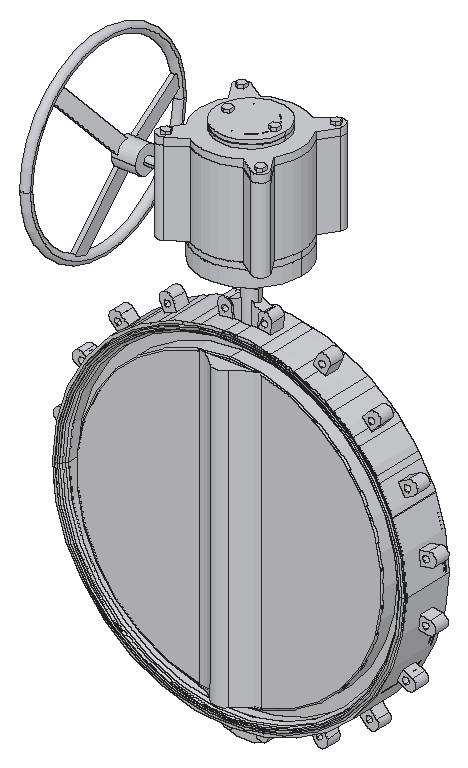
Revit family "R59FLX035", category Plumbing Fixtures, Revit 2015
Reference planes
  plane 1 "Center (Front/Back)": y = 0
  plane 2: z = 0
  plane 3 "Center (Left/Right)": x = 0
  plane 4: z = 368
  plane 5: z = 565
  plane 6: z = 187
  plane 7: z = -280
  plane 8: z = -30
  plane 9: z = 416.668
  plane 10: z = -30
  plane 11: y = -17.262
  plane 12: y = 17.262
  plane 13: x = -75
  plane 14: x = 75
  plane 15: z = 529
  plane 16: x = 226
  plane 17: y = -39.787
  plane 18: y = 38.213
  plane 19: z = 344
  plane 20: x = -226
  plane 21: z = 268
Forms (mm)
  Extrusion 1, solid
    sketch origin (0, 0, 350.391) x (1, 0, 0) y (0, 1, 0)
      loop
        circle (0, 0) r 75
    from -6.391 to 17.609
  Extrusion 2, solid
    sketch origin (0, 0, -76.95) x (1, 0, 0) y (0, 1, 0)
      loop
        circle (0, 0) r 12
    from 334.151 to 420.95
  Revolve 3, solid
    sketch origin (0, 0, 0) x (0, 1, 0) y (0, 0, 1)
      loop
        line (-15, -255.688) -> (15, -255.688) -> (15, -226.679) -> (36.486, -226.679)
        arc (36.486, -226.679) -> (37.707, -226.173) -> (38.213, -224.951) r 1.728
        line (38.213, -224.951) -> (38.213, 0) -> (-39.787, 0) -> (-39.787, -224.951)
        arc (-39.787, -224.951) -> (-39.281, -226.173) -> (-38.059, -226.679) r 1.728
        line (-38.059, -226.679) -> (-15, -226.679) -> (-15, -255.688)
      axis (38.213, 0) -> (-39.787, 0)
    angle from 0 to 360
  Extrusion 4, solid
    sketch origin (-22.57, 0, 197.008) x (0.933413, 0, -0.358805) y (0.358805, 0, 0.933413)
      loop
        line (-18.251, 60.114) -> (-25.459, 74.264)
        arc (-25.459, 74.264) -> (-38.908, 78.635) -> (-43.28, 65.186) r 10
        line (-43.28, 65.186) -> (-36.072, 51.036) -> (-18.251, 60.114)
      loop
        circle (-32.1, 65.269) r 5
    from -10.991 to 11.009
  Extrusion 5, solid
    sketch origin (43.896, -132.284, 377.391) x (-0.707107, -0.707107, 0) y (0.707107, -0.707107, 0)
      loop
        line (6.619, -122.207) -> (1.336, -117.615) -> (-5.283, -119.894) -> (-6.619, -126.765) -> (-1.336, -131.358) -> (5.283, -129.079) -> (6.619, -122.207)
    from 0 to 3.746
  Extrusion 6, solid
    sketch origin (43.896, -132.284, 356.391) x (-0.707107, -0.707107, 0) y (0.707107, -0.707107, 0)
      loop
        circle (0, -124.486) r 3
    from -19.526 to 21
  Extrusion 7, solid
    sketch origin (43.896, -132.284, 343) x (-0.707107, -0.707107, 0) y (0.707107, -0.707107, 0)
      loop
        line (3.99, -123.113) -> (0.805, -120.344) -> (-3.184, -121.718) -> (-3.99, -125.86) -> (-0.805, -128.628) -> (3.184, -127.254) -> (3.99, -123.113)
      loop
        line (-3.444, -125.672) -> (-0.695, -128.061) -> (2.749, -126.876) -> (3.444, -123.301) -> (0.695, -120.911) -> (-2.749, -122.097) -> (-3.444, -125.672)
    from -1.968 to 1
  Extrusion 8, solid
    sketch origin (49.205, -126.837, 400.966) x (-0.707107, -0.707107, 0) y (0.707107, -0.707107, 0)
      loop
        line (-72.612, -197.364) -> (-66.378, -226.689)
        arc (-66.378, -226.689) -> (-54.895, -235.989) -> (-43.411, -226.689) r 11.74
        line (-43.411, -226.689) -> (-37.178, -197.364)
        arc (-37.178, -197.364) -> (-1.863, -177.521) -> (17.982, -142.207) r 75
        line (17.982, -142.207) -> (47.326, -135.97)
        arc (47.326, -135.97) -> (56.625, -124.486) -> (47.326, -113.003) r 11.74
        line (47.326, -113.003) -> (17.984, -106.766)
        arc (17.984, -106.766) -> (-1.859, -71.447) -> (-37.176, -51.6) r 75
        line (-37.176, -51.6) -> (-43.411, -22.265)
        arc (-43.411, -22.265) -> (-54.895, -12.966) -> (-66.378, -22.265) r 11.74
        line (-66.378, -22.265) -> (-72.614, -51.6)
        arc (-72.614, -51.6) -> (-107.928, -71.444) -> (-127.772, -106.758) r 75
        line (-127.772, -106.758) -> (-157.107, -112.994)
        arc (-157.107, -112.994) -> (-166.406, -124.477) -> (-157.107, -135.961) r 11.74
        line (-157.107, -135.961) -> (-127.774, -142.196)
        arc (-127.774, -142.196) -> (-107.931, -177.517) -> (-72.612, -197.364) r 75
    from -23.575 to 101.703
  Sweep 9, solid
    path origin (0, 0, 0) x (1, 0, 0) y (0, 0, 1)
      loop
        circle (0, 0) r 261
    profile origin (0, 0, -261) x (0, 0, 1) y (0, -1, 0)
      loop
        line (0.625, -38.213) -> (3.952, -38.213)
        arc (3.952, -38.213) -> (4.966, -39.227) -> (5.98, -38.213) r 1.014
        line (5.98, -38.213) -> (7.253, -38.213)
        arc (7.253, -38.213) -> (8.267, -39.227) -> (9.28, -38.213) r 1.014
        line (9.28, -38.213) -> (10.888, -38.213) -> (12.517, -35.871) -> (13.454, -32.374) -> (16.683, -29.145) -> (16.683, 30.718) -> (13.454, 33.947) -> (12.517, 37.445) -> (10.888, 39.787) -> (9.28, 39.787)
        arc (9.28, 39.787) -> (8.267, 40.8) -> (7.253, 39.787) r 1.014
        line (7.253, 39.787) -> (5.98, 39.787)
        arc (5.98, 39.787) -> (4.966, 40.8) -> (3.952, 39.787) r 1.014
        line (3.952, 39.787) -> (0.625, 39.787) -> (0.625, -38.213)
  Extrusion 10, solid
    sketch origin (0, 0, 199.34) x (1, 0, 0) y (0, 0, 1)
      loop
        line (-17.861, 60.016) -> (17.861, 60.016) -> (28.73, 84.437)
        arc (28.73, 84.437) -> (11.524, 89.232) -> (0.632, 103.389) r 28.254
        arc (0.632, 103.389) -> (-10.807, 88.872) -> (-28.773, 84.532) r 28.254
        line (-28.773, 84.532) -> (-17.861, 60.016)
    from -7.881 to 9.454
  Sweep 11, solid
    path origin (-0.002, 0, 0) x (1, 0, 0) y (0, 0, 1)
      loop
        circle (0, 0) r 261
    profile origin (-0.002, 0, -261) x (0, 0, 1) y (0, -1, 0)
      loop
        line (0, 39.787) -> (0, -38.213) -> (3.927, -38.213) -> (3.927, 39.787) -> (0, 39.787)
  Extrusion 12, solid
    sketch origin (-16.923, 0, -197.574) x (-0.843784, 0, 0.536683) y (-0.536683, 0, -0.843784)
      loop
        line (-18.251, 60.114) -> (-25.459, 74.264)
        arc (-25.459, 74.264) -> (-38.908, 78.635) -> (-43.28, 65.186) r 10
        line (-43.28, 65.186) -> (-36.072, 51.036) -> (-18.251, 60.114)
      loop
        circle (-32.1, 65.269) r 5
    from -10.991 to 11.009
  Extrusion 13, solid
    sketch origin (-84.636, 0, 179.328) x (0.999197, 0, -0.040079) y (0.040079, 0, 0.999197)
      loop
        line (-18.251, 60.114) -> (-25.459, 74.264)
        arc (-25.459, 74.264) -> (-38.908, 78.635) -> (-43.28, 65.186) r 10
        line (-43.28, 65.186) -> (-36.072, 51.036) -> (-18.251, 60.114)
      loop
        circle (-32.1, 65.269) r 5
    from -10.991 to 11.009
  Extrusion 14, solid
    sketch origin (-137.737, 0, 142.654) x (0.959152, 0, 0.282892) y (-0.282892, 0, 0.959152)
      loop
        line (-18.251, 60.114) -> (-25.459, 74.264)
        arc (-25.459, 74.264) -> (-38.908, 78.635) -> (-43.28, 65.186) r 10
        line (-43.28, 65.186) -> (-36.072, 51.036) -> (-18.251, 60.114)
      loop
        circle (-32.1, 65.269) r 5
    from -10.991 to 11.009
  Extrusion 15, solid
    sketch origin (-176.25, 0, 90.872) x (0.817519, 0, 0.575901) y (-0.575901, 0, 0.817519)
      loop
        line (-18.251, 60.114) -> (-25.459, 74.264)
        arc (-25.459, 74.264) -> (-38.908, 78.635) -> (-43.28, 65.186) r 10
        line (-43.28, 65.186) -> (-36.072, 51.036) -> (-18.251, 60.114)
      loop
        circle (-32.1, 65.269) r 5
    from -10.991 to 11.009
  Extrusion 16, solid
    sketch origin (-196.096, 0, 29.464) x (0.589301, 0, 0.807914) y (-0.807914, 0, 0.589301)
      loop
        line (-18.251, 60.114) -> (-25.459, 74.264)
        arc (-25.459, 74.264) -> (-38.908, 78.635) -> (-43.28, 65.186) r 10
        line (-43.28, 65.186) -> (-36.072, 51.036) -> (-18.251, 60.114)
      loop
        circle (-32.1, 65.269) r 5
    from -10.991 to 11.009
  Extrusion 17, solid
    sketch origin (-195.172, 0, -35.064) x (0.298667, 0, 0.954357) y (-0.954357, 0, 0.298667)
      loop
        line (-18.251, 60.114) -> (-25.459, 74.264)
        arc (-25.459, 74.264) -> (-38.908, 78.635) -> (-43.28, 65.186) r 10
        line (-43.28, 65.186) -> (-36.072, 51.036) -> (-18.251, 60.114)
      loop
        circle (-32.1, 65.269) r 5
    from -10.991 to 11.009
  Extrusion 18, solid
    sketch origin (-173.578, 0, -95.878) x (-0.0236, 0, 0.999721) y (-0.999721, 0, -0.0236)
      loop
        line (-18.251, 60.114) -> (-25.459, 74.264)
        arc (-25.459, 74.264) -> (-38.908, 78.635) -> (-43.28, 65.186) r 10
        line (-43.28, 65.186) -> (-36.072, 51.036) -> (-18.251, 60.114)
      loop
        circle (-32.1, 65.269) r 5
    from -10.991 to 11.009
  Extrusion 19, solid
    sketch origin (-133.598, 0, -146.537) x (-0.343367, 0, 0.939201) y (-0.939201, 0, -0.343367)
      loop
        line (-18.251, 60.114) -> (-25.459, 74.264)
        arc (-25.459, 74.264) -> (-38.908, 78.635) -> (-43.28, 65.186) r 10
        line (-43.28, 65.186) -> (-36.072, 51.036) -> (-18.251, 60.114)
      loop
        circle (-32.1, 65.269) r 5
    from -10.991 to 11.009
  Extrusion 20, solid
    sketch origin (-79.469, 0, -181.677) x (-0.626767, 0, 0.779206) y (-0.779206, 0, -0.626767)
      loop
        line (-18.251, 60.114) -> (-25.459, 74.264)
        arc (-25.459, 74.264) -> (-38.908, 78.635) -> (-43.28, 65.186) r 10
        line (-43.28, 65.186) -> (-36.072, 51.036) -> (-18.251, 60.114)
      loop
        circle (-32.1, 65.269) r 5
    from -10.991 to 11.009
  Extrusion 21, solid
    sketch origin (22.57, 0, 197.008) x (-0.933413, 0, -0.358805) y (-0.358805, 0, 0.933413)
      loop
        line (-18.251, 60.114) -> (-25.459, 74.264)
        arc (-25.459, 74.264) -> (-38.908, 78.635) -> (-43.28, 65.186) r 10
        line (-43.28, 65.186) -> (-36.072, 51.036) -> (-18.251, 60.114)
      loop
        circle (-32.1, 65.269) r 5
    from -10.991 to 11.009
  Extrusion 22, solid
    sketch origin (16.923, 0, -197.574) x (0.843784, 0, 0.536683) y (0.536683, 0, -0.843784)
      loop
        line (-18.251, 60.114) -> (-25.459, 74.264)
        arc (-25.459, 74.264) -> (-38.908, 78.635) -> (-43.28, 65.186) r 10
        line (-43.28, 65.186) -> (-36.072, 51.036) -> (-18.251, 60.114)
      loop
        circle (-32.1, 65.269) r 5
    from -10.991 to 11.009
  Extrusion 23, solid
    sketch origin (84.636, 0, 179.328) x (-0.999197, 0, -0.040079) y (-0.040079, 0, 0.999197)
      loop
        line (-18.251, 60.114) -> (-25.459, 74.264)
        arc (-25.459, 74.264) -> (-38.908, 78.635) -> (-43.28, 65.186) r 10
        line (-43.28, 65.186) -> (-36.072, 51.036) -> (-18.251, 60.114)
      loop
        circle (-32.1, 65.269) r 5
    from -10.991 to 11.009
  Extrusion 24, solid
    sketch origin (137.737, 0, 142.654) x (-0.959152, 0, 0.282892) y (0.282892, 0, 0.959152)
      loop
        line (-18.251, 60.114) -> (-25.459, 74.264)
        arc (-25.459, 74.264) -> (-38.908, 78.635) -> (-43.28, 65.186) r 10
        line (-43.28, 65.186) -> (-36.072, 51.036) -> (-18.251, 60.114)
      loop
        circle (-32.1, 65.269) r 5
    from -10.991 to 11.009
  Extrusion 25, solid
    sketch origin (176.25, 0, 90.872) x (-0.817519, 0, 0.575901) y (0.575901, 0, 0.817519)
      loop
        line (-18.251, 60.114) -> (-25.459, 74.264)
        arc (-25.459, 74.264) -> (-38.908, 78.635) -> (-43.28, 65.186) r 10
        line (-43.28, 65.186) -> (-36.072, 51.036) -> (-18.251, 60.114)
      loop
        circle (-32.1, 65.269) r 5
    from -10.991 to 11.009
  Extrusion 26, solid
    sketch origin (196.096, 0, 29.464) x (-0.589301, 0, 0.807914) y (0.807914, 0, 0.589301)
      loop
        line (-18.251, 60.114) -> (-25.459, 74.264)
        arc (-25.459, 74.264) -> (-38.908, 78.635) -> (-43.28, 65.186) r 10
        line (-43.28, 65.186) -> (-36.072, 51.036) -> (-18.251, 60.114)
      loop
        circle (-32.1, 65.269) r 5
    from -10.991 to 11.009
  Extrusion 27, solid
    sketch origin (195.172, 0, -35.064) x (-0.298667, 0, 0.954357) y (0.954357, 0, 0.298667)
      loop
        line (-18.251, 60.114) -> (-25.459, 74.264)
        arc (-25.459, 74.264) -> (-38.908, 78.635) -> (-43.28, 65.186) r 10
        line (-43.28, 65.186) -> (-36.072, 51.036) -> (-18.251, 60.114)
      loop
        circle (-32.1, 65.269) r 5
    from -10.991 to 11.009
  Extrusion 28, solid
    sketch origin (173.578, 0, -95.878) x (0.0236, 0, 0.999721) y (0.999721, 0, -0.0236)
      loop
        line (-18.251, 60.114) -> (-25.459, 74.264)
        arc (-25.459, 74.264) -> (-38.908, 78.635) -> (-43.28, 65.186) r 10
        line (-43.28, 65.186) -> (-36.072, 51.036) -> (-18.251, 60.114)
      loop
        circle (-32.1, 65.269) r 5
    from -10.991 to 11.009
  Extrusion 29, solid
    sketch origin (133.598, 0, -146.537) x (0.343367, 0, 0.939201) y (0.939201, 0, -0.343367)
      loop
        line (-18.251, 60.114) -> (-25.459, 74.264)
        arc (-25.459, 74.264) -> (-38.908, 78.635) -> (-43.28, 65.186) r 10
        line (-43.28, 65.186) -> (-36.072, 51.036) -> (-18.251, 60.114)
      loop
        circle (-32.1, 65.269) r 5
    from -10.991 to 11.009
  Extrusion 30, solid
    sketch origin (79.469, 0, -181.677) x (0.626767, 0, 0.779206) y (0.779206, 0, -0.626767)
      loop
        line (-18.251, 60.114) -> (-25.459, 74.264)
        arc (-25.459, 74.264) -> (-38.908, 78.635) -> (-43.28, 65.186) r 10
        line (-43.28, 65.186) -> (-36.072, 51.036) -> (-18.251, 60.114)
      loop
        circle (-32.1, 65.269) r 5
    from -10.991 to 11.009
  Extrusion 31, solid
    sketch origin (0, 0, -200.277) x (1, 0, 0) y (0, 0, 1)
      loop
        line (-13.666, -59.525) -> (-25.05, -85.101)
        arc (-25.05, -85.101) -> (-18.756, -87.409) -> (-12.729, -90.346) r 65.798
        line (-12.729, -90.346) -> (12.729, -90.346)
        arc (12.729, -90.346) -> (18.712, -87.428) -> (24.958, -85.129) r 65.798
        line (24.958, -85.129) -> (13.562, -59.525) -> (-13.666, -59.525)
    from -7.881 to 9.454
  Extrusion 32, solid
    sketch origin (132.284, 43.896, 377.391) x (0.707107, -0.707107, 0) y (0.707107, 0.707107, 0)
      loop
        line (6.619, -122.207) -> (1.336, -117.615) -> (-5.283, -119.894) -> (-6.619, -126.765) -> (-1.336, -131.358) -> (5.283, -129.079) -> (6.619, -122.207)
    from 0 to 3.746
  Extrusion 33, solid
    sketch origin (132.284, 43.896, 356.391) x (0.707107, -0.707107, 0) y (0.707107, 0.707107, 0)
      loop
        circle (0, -124.486) r 3
    from -19.526 to 21
  Extrusion 34, solid
    sketch origin (132.284, 43.896, 343) x (0.707107, -0.707107, 0) y (0.707107, 0.707107, 0)
      loop
        line (3.99, -123.113) -> (0.805, -120.344) -> (-3.184, -121.718) -> (-3.99, -125.86) -> (-0.805, -128.628) -> (3.184, -127.254) -> (3.99, -123.113)
      loop
        line (-3.444, -125.672) -> (-0.695, -128.061) -> (2.749, -126.876) -> (3.444, -123.301) -> (0.695, -120.911) -> (-2.749, -122.097) -> (-3.444, -125.672)
    from -1.968 to 1
  Extrusion 35, solid
    sketch origin (-43.896, 132.284, 377.391) x (0.707107, 0.707107, 0) y (-0.707107, 0.707107, 0)
      loop
        line (6.619, -122.207) -> (1.336, -117.615) -> (-5.283, -119.894) -> (-6.619, -126.765) -> (-1.336, -131.358) -> (5.283, -129.079) -> (6.619, -122.207)
    from 0 to 3.746
  Extrusion 36, solid
    sketch origin (-43.896, 132.284, 356.391) x (0.707107, 0.707107, 0) y (-0.707107, 0.707107, 0)
      loop
        circle (0, -124.486) r 3
    from -19.526 to 21
  Extrusion 37, solid
    sketch origin (-43.896, 132.284, 343) x (0.707107, 0.707107, 0) y (-0.707107, 0.707107, 0)
      loop
        line (3.99, -123.113) -> (0.805, -120.344) -> (-3.184, -121.718) -> (-3.99, -125.86) -> (-0.805, -128.628) -> (3.184, -127.254) -> (3.99, -123.113)
      loop
        line (-3.444, -125.672) -> (-0.695, -128.061) -> (2.749, -126.876) -> (3.444, -123.301) -> (0.695, -120.911) -> (-2.749, -122.097) -> (-3.444, -125.672)
    from -1.968 to 1
  Extrusion 38, solid
    sketch origin (-132.284, -43.896, 377.391) x (-0.707107, 0.707107, 0) y (-0.707107, -0.707107, 0)
      loop
        line (6.619, -122.207) -> (1.336, -117.615) -> (-5.283, -119.894) -> (-6.619, -126.765) -> (-1.336, -131.358) -> (5.283, -129.079) -> (6.619, -122.207)
    from 0 to 3.746
  Extrusion 39, solid
    sketch origin (-132.284, -43.896, 356.391) x (-0.707107, 0.707107, 0) y (-0.707107, -0.707107, 0)
      loop
        circle (0, -124.486) r 3
    from -19.526 to 21
  Extrusion 40, solid
    sketch origin (-132.284, -43.896, 343) x (-0.707107, 0.707107, 0) y (-0.707107, -0.707107, 0)
      loop
        line (3.99, -123.113) -> (0.805, -120.344) -> (-3.184, -121.718) -> (-3.99, -125.86) -> (-0.805, -128.628) -> (3.184, -127.254) -> (3.99, -123.113)
      loop
        line (-3.444, -125.672) -> (-0.695, -128.061) -> (2.749, -126.876) -> (3.444, -123.301) -> (0.695, -120.911) -> (-2.749, -122.097) -> (-3.444, -125.672)
    from -1.968 to 1
  Extrusion 41, solid
    sketch origin (-18.263, 157.917, 513.616) x (0.707107, 0.707107, 0) y (-0.707107, 0.707107, 0)
      loop
        line (6.619, -122.207) -> (1.336, -117.615) -> (-5.283, -119.894) -> (-6.619, -126.765) -> (-1.336, -131.358) -> (5.283, -129.079) -> (6.619, -122.207)
    from 0 to 4.617
  Extrusion 42, solid
    sketch origin (-18.263, 157.917, 399.045) x (0.707107, 0.707107, 0) y (-0.707107, 0.707107, 0)
      loop
        circle (0, -124.486) r 3
    from 66.681 to 114.571
  Extrusion 43, solid
    sketch origin (157.917, 18.263, 513.616) x (0.707107, -0.707107, 0) y (0.707107, 0.707107, 0)
      loop
        line (6.619, -122.207) -> (1.336, -117.615) -> (-5.283, -119.894) -> (-6.619, -126.765) -> (-1.336, -131.358) -> (5.283, -129.079) -> (6.619, -122.207)
    from 0 to 4.617
  Extrusion 44, solid
    sketch origin (157.917, 18.263, 399.045) x (0.707107, -0.707107, 0) y (0.707107, 0.707107, 0)
      loop
        circle (0, -124.486) r 3
    from 66.681 to 114.571
  Extrusion 45, solid
    sketch origin (18.263, -157.917, 513.616) x (-0.707107, -0.707107, 0) y (0.707107, -0.707107, 0)
      loop
        line (6.619, -122.207) -> (1.336, -117.615) -> (-5.283, -119.894) -> (-6.619, -126.765) -> (-1.336, -131.358) -> (5.283, -129.079) -> (6.619, -122.207)
    from 0 to 4.617
  Extrusion 46, solid
    sketch origin (18.263, -157.917, 399.045) x (-0.707107, -0.707107, 0) y (0.707107, -0.707107, 0)
      loop
        circle (0, -124.486) r 3
    from 66.681 to 114.571
  Extrusion 47, solid
    sketch origin (-157.917, -18.263, 513.616) x (-0.707107, 0.707107, 0) y (-0.707107, -0.707107, 0)
      loop
        line (6.619, -122.207) -> (1.336, -117.615) -> (-5.283, -119.894) -> (-6.619, -126.765) -> (-1.336, -131.358) -> (5.283, -129.079) -> (6.619, -122.207)
    from 0 to 4.617
  Extrusion 48, solid
    sketch origin (-157.917, -18.263, 399.045) x (-0.707107, 0.707107, 0) y (-0.707107, -0.707107, 0)
      loop
        circle (0, -124.486) r 3
    from 66.681 to 114.571
  Extrusion 49, solid
    sketch origin (0, 0, 365.272) x (1, 0, 0) y (0, 1, 0)
      loop
        circle (0, 0) r 75
    from 2.728 to 12.119
  Extrusion 50, solid
    sketch origin (4.994, 0, 18.668) x (0, 1, 0) y (0, 0, -1)
      loop
        circle (0, -398) r 6
    from 74.348 to 159.191
  Sweep 51, solid
    path origin (-218.819, 0, 7.896) x (0, 1, 0) y (0, 0, -1)
      loop
        circle (0, -408.772) r 141.5
    profile origin (-218.819, 0, 558.168) x (0, 0, 1) y (-1, 0, 0)
      loop
        circle (0, 0) r 7
  Extrusion 52, solid
    sketch origin (12.181, 0, 18.668) x (0, 1, 0) y (0, 0, -1)
      loop
        circle (0, -398) r 20
    from 166.378 to 201.654
  Extrusion 53, solid
    sketch origin (4.85, -183.808, 258.176) x (0.99993, -0.011806, -0.000135) y (0.007589, 0.651478, -0.758629)
      loop
        line (-182.932, 4.168) -> (-189.521, 6.043) -> (-227.758, -137.508) -> (-221.17, -139.383) -> (-182.932, 4.168)
    from 230.215 to 251.867
  Extrusion 54, solid
    sketch origin (-122.734, -88.025, 524.383) x (-0.707107, 0.707107, 0) y (-0.707107, -0.707107, 0)
      loop
        line (6.619, -122.207) -> (1.336, -117.615) -> (-5.283, -119.894) -> (-6.619, -126.765) -> (-1.336, -131.358) -> (5.283, -129.079) -> (6.619, -122.207)
    from 0 to 4.617
  Extrusion 55, solid
    sketch origin (-122.734, -88.025, 409.811) x (-0.707107, 0.707107, 0) y (-0.707107, -0.707107, 0)
      loop
        circle (0, -124.486) r 3
    from 66.681 to 114.571
  Extrusion 56, solid
    sketch origin (122.679, -51.499, 524.383) x (0.707107, -0.707107, 0) y (0.707107, 0.707107, 0)
      loop
        line (-96.38, -19.209) -> (-103.251, -20.545) -> (-105.53, -27.163) -> (-100.938, -32.446) -> (-94.066, -31.111) -> (-91.787, -24.492) -> (-96.38, -19.209)
    from 0 to 4.617
  Extrusion 57, solid
    sketch origin (-122.734, -88.025, 409.811) x (-0.707107, 0.707107, 0) y (-0.707107, -0.707107, 0)
      loop
        circle (-49.047, -173.533) r 3
    from 66.681 to 114.571
  Extrusion 58, solid
    sketch origin (0, 12.782, 0) x (1, 0, 0) y (0, 1, 0)
      loop
        line (-45.752, 26.413) -> (45.661, 26.413)
        arc (45.661, 26.413) -> (27.976, 32.661) -> (13.756, 44.892) r 50.889
        arc (13.756, 44.892) -> (-0.248, 51.523) -> (-14.1, 44.579) r 17.686
        arc (-14.1, 44.579) -> (-28.242, 32.561) -> (-45.752, 26.413) r 50.889
    from -222.349 to 222.323
  Extrusion 59, solid
    sketch origin (49.205, -126.837, 529.245) x (-0.707107, -0.707107, 0) y (0.707107, -0.707107, 0)
      loop
        line (-72.612, -197.364) -> (-66.378, -226.689)
        arc (-66.378, -226.689) -> (-54.895, -235.989) -> (-43.411, -226.689) r 11.74
        line (-43.411, -226.689) -> (-37.178, -197.364)
        arc (-37.178, -197.364) -> (-1.863, -177.521) -> (17.982, -142.207) r 75
        line (17.982, -142.207) -> (47.326, -135.97)
        arc (47.326, -135.97) -> (56.625, -124.486) -> (47.326, -113.003) r 11.74
        line (47.326, -113.003) -> (17.984, -106.766)
        arc (17.984, -106.766) -> (-1.859, -71.447) -> (-37.176, -51.6) r 75
        line (-37.176, -51.6) -> (-43.411, -22.265)
        arc (-43.411, -22.265) -> (-54.895, -12.966) -> (-66.378, -22.265) r 11.74
        line (-66.378, -22.265) -> (-72.614, -51.6)
        arc (-72.614, -51.6) -> (-107.928, -71.444) -> (-127.772, -106.758) r 75
        line (-127.772, -106.758) -> (-157.107, -112.994)
        arc (-157.107, -112.994) -> (-166.406, -124.477) -> (-157.107, -135.961) r 11.74
        line (-157.107, -135.961) -> (-127.774, -142.196)
        arc (-127.774, -142.196) -> (-107.931, -177.517) -> (-72.612, -197.364) r 75
    from -26.575 to -15.629
  Extrusion 60, solid
    sketch origin (0, 0, 512.256) x (1, 0, 0) y (0, 1, 0)
      loop
        circle (0, 0) r 50
    from 1.36 to 6.196
  Extrusion 61, solid
    sketch origin (0, 0, 519.887) x (1, 0, 0) y (0, 1, 0)
      loop
        circle (0, 0) r 50
    from 0.001 to 5
  Extrusion 62, solid
    sketch origin (0, 0, 514.888) x (1, 0, 0) y (0, 1, 0)
      loop
        circle (0, 0) r 30
    from 0.001 to 5
  Blend 63, solid
    base sketch origin (0, 0, 238.278) x (1, 0, 0) y (0, 1, 0)
      loop
        circle (0, 0) r 42
    top sketch origin (0, 0, 0) x (1, 0, 0) y (0, 1, 0)
      loop
        circle (0, 0) r 35
    from 275.96 to 524.647
  Extrusion 64, solid
    sketch origin (0, -13.374, 0) x (1, 0, 0) y (0, 1, 0)
      loop
        arc (-45.752, -26.413) -> (-28.242, -32.561) -> (-14.1, -44.579) r 50.889
        arc (-14.1, -44.579) -> (-0.248, -51.523) -> (13.756, -44.892) r 17.686
        arc (13.756, -44.892) -> (27.976, -32.661) -> (45.661, -26.413) r 50.889
        line (45.661, -26.413) -> (-45.752, -26.413)
    from -222.349 to 222.323
  Extrusion 65, solid
    sketch origin (4.85, 229.162, 336.731) x (0.99993, 0.00602, -0.010157) y (0.007589, 0.331253, 0.943511)
      loop
        line (-182.932, 4.168) -> (-189.521, 6.043) -> (-227.758, -137.508) -> (-221.17, -139.383) -> (-182.932, 4.168)
    from 230.215 to 251.867
  Extrusion 66, solid
    sketch origin (4.85, -45.354, 655.096) x (0.99993, 0.005786, 0.010292) y (0.007589, -0.982731, -0.184882)
      loop
        line (-182.932, 4.168) -> (-189.521, 6.043) -> (-227.758, -137.508) -> (-221.17, -139.383) -> (-182.932, 4.168)
    from 230.215 to 251.867
Dimensions and locks
  locked: plane 2 to plane 4 at 368
  locked: level to plane 5 at 565
  locked: plane 7 to level at 280
  locked: plane 18 to plane 17 at 78
  locked: plane 19 to plane 4 at 24
  plane 16 to plane 3 "Center (Left/Right)" = 226 mm
  locked: plane 13 to plane 14 at 150
  locked: plane 4 to plane 15 at 161
  locked: plane 3 "Center (Left/Right)" to plane 20 at 226
  locked: plane 21 to plane 5 at 297
  aligned and locked: level to plane 2
